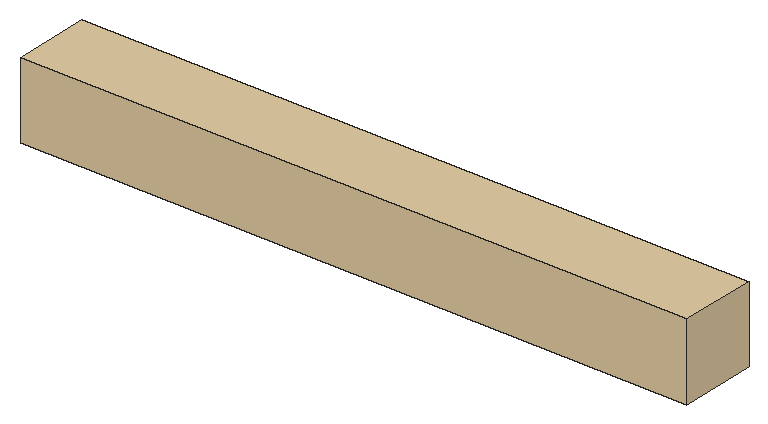
Revit family "M_Madeira de lei", category Quadro estrutural, Revit 2019
Family settings
  Arredondamento do comprimento do framing estrutural = 0 mm
  Forma do corte = Não definido
  Material para o comportamento do modelo = Madeira
  Exportar sempre como geometria = Não
  Número OmniClass = 23.25.30.11.14.14
  Título OmniClass = Beams
  ID de item do Seek = Timber-0000-CAN-ENU
  Sempre na vertical = Sim
  Corte com vazios quando carregada = Não
  Representação simbólica = Das configurações de projeto
  Compartilhado = Não
  Exibir o pré-corte da família na vista da planta = Sim
Parameters (values of type "140x140")
  Structural Material [instance] = Madeira de Conífera, Madeira
  Assembly Code = ""
  A = 0.02 m²
  Length [instance] = 1524 mm
  b = 139.7 mm
  d = 139.7 mm
Types (2, lengths in mm): name | A | b | d
  184x235 | 0.046 m² | 190.5 | 241.3
  140x140 | 0.02 m² | 139.7 | 139.7
Reference planes
  plane 1 "Centro (Frente/Trás)": y = 0
  plane 2: z = 0
  plane 3 "Centro (Esquerda/Direita)": x = 4.61
  plane 4 "Membro esquerdo": x = -604.99
  plane 5 "Membro direito": x = 614.21
  plane 6: y = 69.85
  plane 7: y = -69.85
  plane 8: z = 69.85
  plane 9: z = -69.85
  plane 10 "Esquerda": x = -757.39
  plane 11 "Símbolo esquerdo de verga": x = -452.59
  plane 12 "Símbolo direito de verga": x = 461.81
  plane 13 "Direita": x = 766.61
Forms (mm)
  Sweep 1, solid, material "Madeira de Conífera, Madeira" <- "Structural Material", detail levels medium+fine
    path origin (0, 0, 0) x (1, 0, 0) y (0, 1, 0)
      loop
        line (614.21, 0) -> (-604.99, 0)
    profile "M_Viga de madeira retangular-Perfil : M_Viga de madeira retangular-Perfil" origin (4.61, 0, 0) x (0, -1, 0) y (0, 0, 1)
      loop
        line (-69.85, -69.85) -> (69.85, -69.85) -> (69.85, 69.85) -> (-69.85, 69.85) -> (-69.85, -69.85)
Lines and regions (mm)
  symbolic lines, style "Símbolos de vara", detail levels coarse
    curve 1: line (4.61, 69.85, 69.85) -> (4.61, -69.85, 69.85)
    curve 2: line (4.61, -69.85, -69.85) -> (4.61, 69.85, -69.85)
    curve 3: line (4.61, -69.85, 69.85) -> (4.61, -69.85, -69.85)
    curve 4: line (4.61, 69.85, -69.85) -> (4.61, 69.85, 69.85)
Dimensions and locks
  "b": plane 6 to plane 7
  "d": plane 9 to plane 8
  equal spacing: plane 9, plane 2, plane 8
  equal spacing: plane 6, plane 1 "Centro (Frente/Trás)", plane 7
  "Length": plane 10 "Esquerda" to plane 13 "Direita"
  aligned and locked: Sweep 1 sketch curve to plane 1 "Centro (Frente/Trás)"
  aligned and locked: curve 1 to Sweep 1
  aligned and locked: curve 2 to Sweep 1
  aligned and locked: curve 3 to Sweep 1
  aligned and locked: curve 4 to Sweep 1
  aligned and locked: plane 4 "Membro esquerdo" to Sweep 1 sketch curve
  aligned and locked: plane 5 "Membro direito" to Sweep 1 sketch curve
Types in the file's own list only (54): name | A | b | d
  114x114 | 0.01 m² | 114 mm | 114 mm
  140x184 | 0.03 m² | 140 mm | 191 mm
  140x235 | 0.03 m² | 140 mm | 241 mm
  140x286 | 0.04 m² | 140 mm | 292 mm
  140x337 | 0.05 m² | 140 mm | 343 mm
  140x387 | 0.06 m² | 140 mm | 394 mm
  140x445 | 0.06 m² | 140 mm | 445 mm
  140x495 | 0.07 m² | 140 mm | 495 mm
  140x546 | 0.08 m² | 140 mm | 546 mm
  140x597 | 0.08 m² | 140 mm | 597 mm
  184x184 | 0.04 m² | 191 mm | 191 mm
  184x286 | 0.06 m² | 191 mm | 292 mm
  184x337 | 0.07 m² | 191 mm | 343 mm
  184x387 | 0.08 m² | 191 mm | 394 mm
  184x445 | 0.08 m² | 191 mm | 445 mm
  184x495 | 0.09 m² | 191 mm | 495 mm
  184x546 | 0.10 m² | 191 mm | 546 mm
  184x597 | 0.11 m² | 191 mm | 597 mm
  235x235 | 0.06 m² | 241 mm | 241 mm
  235x286 | 0.07 m² | 241 mm | 292 mm
  235x337 | 0.08 m² | 241 mm | 343 mm
  235x387 | 0.10 m² | 241 mm | 394 mm
  235x445 | 0.11 m² | 241 mm | 445 mm
  235x495 | 0.12 m² | 241 mm | 495 mm
  235x546 | 0.13 m² | 241 mm | 546 mm
  235x597 | 0.14 m² | 241 mm | 597 mm
  286x286 | 0.09 m² | 292 mm | 292 mm
  286x337 | 0.10 m² | 292 mm | 343 mm
  286x387 | 0.12 m² | 292 mm | 394 mm
  286x445 | 0.13 m² | 292 mm | 445 mm
  286x495 | 0.14 m² | 292 mm | 495 mm
  286x546 | 0.16 m² | 292 mm | 546 mm
  286x597 | 0.17 m² | 292 mm | 597 mm
  337x337 | 0.12 m² | 343 mm | 343 mm
  337x387 | 0.14 m² | 343 mm | 394 mm
  337x445 | 0.15 m² | 343 mm | 445 mm
  337x495 | 0.17 m² | 343 mm | 495 mm
  337x546 | 0.19 m² | 343 mm | 546 mm
  337x597 | 0.20 m² | 343 mm | 597 mm
  387x387 | 0.16 m² | 394 mm | 394 mm
  387x445 | 0.18 m² | 394 mm | 445 mm
  387x495 | 0.20 m² | 394 mm | 495 mm
  387x546 | 0.22 m² | 394 mm | 546 mm
  387x597 | 0.24 m² | 394 mm | 597 mm
  445x445 | 0.20 m² | 445 mm | 445 mm
  445x495 | 0.22 m² | 445 mm | 495 mm
  445x546 | 0.24 m² | 445 mm | 546 mm
  445x597 | 0.27 m² | 445 mm | 597 mm
  495x495 | 0.25 m² | 495 mm | 495 mm
  495x546 | 0.27 m² | 495 mm | 546 mm
  495x597 | 0.30 m² | 495 mm | 597 mm
  546x546 | 0.30 m² | 546 mm | 546 mm
  546x597 | 0.33 m² | 546 mm | 597 mm
  597x597 | 0.36 m² | 597 mm | 597 mm
